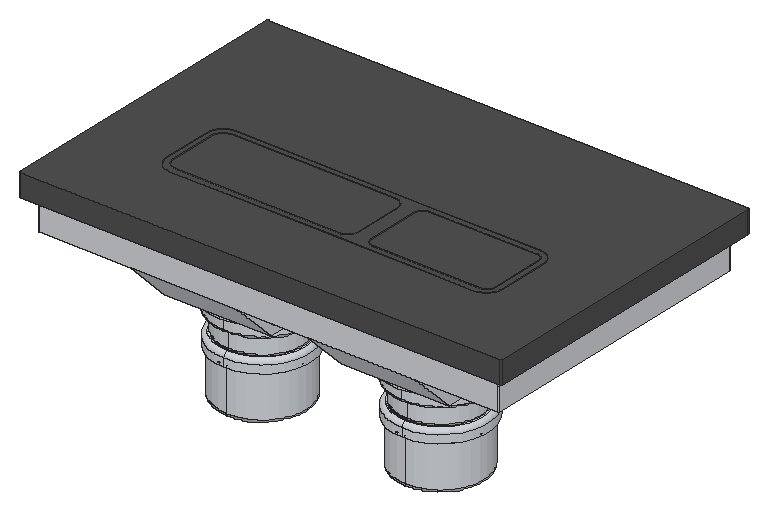
Revit family "Reece_Cistern Buttons_Hideaway_Plus_Cistern Button and Plate_Rectangle Button", category Plumbing Fixtures, host Face, Revit 2018
Family settings
  Host = Face
  Round Connector Dimension = Use Diameter
  Part Type = Normal
  Cut with Voids When Loaded = No
  Shared = Yes
  Room Calculation Point = Yes
Parameters (values of type "Matte Black")
  Waste Connection = no
  WFU = 0  # constant formula
  Vent Connection = no
  URL = "https://www.reece.com.au/product/-9508200"
  Type Comments = "Cistern Buttons\r\n"
  Reece_Product_Web Page = "https://www.reece.com.au/product/-9508200"
  Reece_Product_Type = "Cistern Buttons\r\n"  # constant formula
  Reece_Product_Sub Brand = "Plus\r\n"  # constant formula
  Reece_Product_Number = "9508200"
  Reece_Product_Mount = "Wall Mounted"
  Reece_Product_Description = "Hideaway+ Rectangle Button/Plate Inwall ABS Matte Black"
  Reece_Product_Brand = "Hideaway\r\n"  # constant formula
  Reece_Overall_Width = 236 mm  # constant formula
  Reece_Overall_Height = 152 mm  # constant formula
  Reece_Material_Secondary = Reece_Plastic_ABS_Matte Black
  Reece_Material_Main = Reece_Plastic_ABS_Matte Black
  Reece_Detail_Shape = "Rectangle Button\r\n"  # constant formula
  Reece_Detail_Disclaimer = "THIS FILE IS THE PROPERTY OF THE REECE GROUP. IT MAY NOT BE REPRODUCED, REVERSE-ENGINEERED OR MODIFIED. ANY REPUBLICATION, TRANSMISSION OR DISTRIBUTION FOR THE PURPOSE OF COMMERCIALLY EXPLOITING THE FILES IS PROHIBITED."  # constant formula
  Reece_Detail_Additional = "Cistern Button and Plate\r\n\r\n\r\n"  # constant formula
  Model = "Plus\r\n"
  Manufacturer = "Hideaway\r\n"
  Keynote = "Product #9508200, Reece_Cistern Buttons_Hideaway_Plus_Cistern Button and Plate_Rectangle Button - Matte Black"
  HWFU = 0  # constant formula
  HW Connection = no
  Disclaimer = "THIS FILE IS THE PROPERTY OF THE REECE GROUP. IT MAY NOT BE REPRODUCED, REVERSE-ENGINEERED OR MODIFIED. ANY REPUBLICATION, TRANSMISSION OR DISTRIBUTION FOR THE PURPOSE OF COMMERCIALLY EXPLOITING THE FILES IS PROHIBITED."  # constant formula
  Description = "Hideaway+ Rectangle Button / Plate Inwall ABS Matte Black"
  Default Elevation = 1000 mm
  CWFU = 0  # constant formula
  CW Connection = no
Types (5, lengths in mm): name | URL | Reece_Product_Web Page | Reece_Product_Number | Reece_Product_Description | Reece_Material_Secondary | Reece_Material_Main | Keynote | Description
  Brushed Nickel | "https://www.reece.com.au/product/-9508201" | "https://www.reece.com.au/product/-9508201" | "9508201" | "Hideaway+ Rectangle Button/Plate Inwall ABS Brushed Nickel" | Reece_Plastic_ABS_Brushed Nickel | Reece_Plastic_ABS_Brushed Nickel | "Product #9508201, Reece_Cistern Buttons_Hideaway_Plus_Cistern Button and Plate_Rectangle Button - Brushed Nickel" | "Hideaway+ Rectangle Button / Plate Inwall ABS Brushed Nickel"
  Brushed Gold | "https://www.reece.com.au/product/-9508202" | "https://www.reece.com.au/product/-9508202" | "9508202" | "Hideaway+ Rectangle Button/Plate Inwall ABS Brushed Gold" | Reece_Plastic_ABS_Brushed Gold | Reece_Plastic_ABS_Brushed Gold | "Product #9508202, Reece_Cistern Buttons_Hideaway_Plus_Cistern Button and Plate_Rectangle Button - Brushed Gold" | "Hideaway+ Rectangle Button / Plate Inwall ABS Brushed Gold"
  Chrome | "https://www.reece.com.au/product/-9503683" | "https://www.reece.com.au/product/-9503683" | "9503683" | "Hideaway+ Rectangle Button/Plate Inwall ABS Chrome" | Reece_Plastic_ABS_Chrome | Reece_Plastic_ABS_Chrome | "Product #9503683, Reece_Cistern Buttons_Hideaway_Plus_Cistern Button and Plate_Rectangle Button - Chrome" | "Hideaway+ Rectangle Button / Plate Inwall ABS Chrome"
  Matte Black | "https://www.reece.com.au/product/-9508200" | "https://www.reece.com.au/product/-9508200" | "9508200" | "Hideaway+ Rectangle Button/Plate Inwall ABS Matte Black" | Reece_Plastic_ABS_Matte Black | Reece_Plastic_ABS_Matte Black | "Product #9508200, Reece_Cistern Buttons_Hideaway_Plus_Cistern Button and Plate_Rectangle Button - Matte Black" | "Hideaway+ Rectangle Button / Plate Inwall ABS Matte Black"
  Gloss White | "https://www.reece.com.au/product/-1806194" | "https://www.reece.com.au/product/-1806194" | "1806194" | "Hideaway+ Rectangle Button/Plate Inwall ABS Gloss White" | Reece_Plastic_ABS_White | Reece_Plastic_ABS_White | "Product #1806194, Reece_Cistern Buttons_Hideaway_Plus_Cistern Button and Plate_Rectangle Button - Gloss White" | "Hideaway+ Rectangle Button / Plate Inwall ABS Gloss White"
Reference planes
  plane 1 "Center (Front/Back)": y = 0
  plane 2 "Bottom": z = 0
  plane 3 "Center (Left/Right)": x = 0
  plane 4 "Top": z = 11
  plane 5: x = -120
  plane 6: x = 116
  plane 7: y = 78
  plane 8: y = -74
  plane 9: z = -94.2
  plane 10: x = -115.066
  plane 11: x = 111
  plane 12: y = -69
  plane 13: y = 73.069
Forms (mm)
  Extrusion 1, solid, material "Reece_Plastic_ABS_Matte Black" <- "Reece_Material_Main"
    sketch origin (0, 0, 0) x (1, 0, 0) y (0, 1, 0)
      loop
        arc (-119.2, 78) -> (-119.766, 77.766) -> (-120, 77.2) r 0.8
        line (-120, 77.2) -> (-120, -73.2)
        arc (-120, -73.2) -> (-119.766, -73.766) -> (-119.2, -74) r 0.8
        line (-119.2, -74) -> (115.2, -74)
        arc (115.2, -74) -> (115.766, -73.766) -> (116, -73.2) r 0.8
        line (116, -73.2) -> (116, 77.2)
        arc (116, 77.2) -> (115.766, 77.766) -> (115.2, 78) r 0.8
        line (115.2, 78) -> (-119.2, 78)
    from 0 to 11
  Extrusion 2, void
    sketch origin (0, 0, 0) x (1, 0, 0) y (0, 1, 0)
      loop
        line (-74.878, -34.842) -> (5.048, -34.842)
        arc (5.048, -34.842) -> (8.855, -33.265) -> (10.432, -29.457) r 5.385
        line (10.432, -29.457) -> (10.432, -5.577)
        arc (10.432, -5.577) -> (8.856, -1.772) -> (5.052, -0.196) r 5.38
        line (5.052, -0.196) -> (-74.813, -0.196)
        arc (-74.813, -0.196) -> (-78.636, -1.78) -> (-80.22, -5.603) r 5.407
        line (-80.22, -5.603) -> (-80.22, -29.5)
        arc (-80.22, -29.5) -> (-78.655, -33.277) -> (-74.878, -34.842) r 5.342
      loop
        arc (21.862, -0.196) -> (19.046, -1.363) -> (17.879, -4.179) r 3.983
        line (17.879, -4.179) -> (17.879, -30.878)
        arc (17.879, -30.878) -> (19.04, -33.681) -> (21.843, -34.842) r 3.964
        line (21.843, -34.842) -> (74.36, -34.842)
        arc (74.36, -34.842) -> (77.207, -33.663) -> (78.386, -30.815) r 4.026
        line (78.386, -30.815) -> (78.386, -4.219)
        arc (78.386, -4.219) -> (77.208, -1.375) -> (74.364, -0.196) r 4.023
        line (74.364, -0.196) -> (21.862, -0.196)
      loop
        line (17.991, 2.675) -> (-75.156, 2.675)
        arc (-75.156, 2.675) -> (-80.819, 0.329) -> (-83.164, -5.333) r 8.008
        line (-83.164, -5.333) -> (-83.164, -29.726)
        arc (-83.164, -29.726) -> (-80.825, -35.374) -> (-75.178, -37.713) r 7.986
        line (-75.178, -37.713) -> (1.936, -37.713) -> (73.545, -37.713)
        arc (73.545, -37.713) -> (79.17, -35.383) -> (81.501, -29.757) r 7.956
        line (81.501, -29.757) -> (81.501, -5.26)
        arc (81.501, -5.26) -> (79.177, 0.351) -> (73.566, 2.675) r 7.934
        line (73.566, 2.675) -> (17.991, 2.675)
    from 9.384 to 16.129
  Extrusion 3, solid
    sketch origin (0, 0, 0) x (1, 0, 0) y (0, 1, 0)
      loop
        arc (-114.266, 73.069) -> (-114.832, 72.835) -> (-115.066, 72.269) r 0.8
        line (-115.066, 72.269) -> (-115.066, -68.2)
        arc (-115.066, -68.2) -> (-114.832, -68.766) -> (-114.266, -69) r 0.8
        line (-114.266, -69) -> (110.2, -69)
        arc (110.2, -69) -> (110.766, -68.766) -> (111, -68.2) r 0.8
        line (111, -68.2) -> (111, 72.269)
        arc (111, 72.269) -> (110.766, 72.835) -> (110.2, 73.069) r 0.8
        line (110.2, 73.069) -> (-114.266, 73.069)
      loop
        line (-107.5, -61.5) -> (103.5, -61.5) -> (103.5, 65.5) -> (-107.5, 65.5) -> (-107.5, -61.5)
    from 0 to -4
  Extrusion 4, void
    sketch origin (0, -1, 0) x (1, 0, 0) y (0, 1, 0)
      loop
        arc (-114.266, 74.069) -> (-114.832, 73.835) -> (-115.066, 73.269) r 0.8
        line (-115.066, 73.269) -> (-115.066, -67.2)
        arc (-115.066, -67.2) -> (-114.832, -67.766) -> (-114.266, -68) r 0.8
        line (-114.266, -68) -> (110.2, -68)
        arc (110.2, -68) -> (110.766, -67.766) -> (111, -67.2) r 0.8
        line (111, -67.2) -> (111, 73.269)
        arc (111, 73.269) -> (110.766, 73.835) -> (110.2, 74.069) r 0.8
        line (110.2, 74.069) -> (-114.266, 74.069)
    from 5.484 to -18.966
  Extrusion 5, solid
    sketch origin (0, 0, 0) x (1, 0, 0) y (0, 1, 0)
      loop
        line (-107.5, 65.5) -> (-107.5, -60.7)
        arc (-107.5, -60.7) -> (-107.266, -61.266) -> (-106.7, -61.5) r 0.8
        line (-106.7, -61.5) -> (-98.278, -61.5) -> (-98.278, -37.463) -> (-83.91, -12.576) -> (-83.91, 65.5) -> (-107.5, 65.5)
    from -15.736 to -7.736
  Extrusion 6, solid
    sketch origin (0, 0.016, 0) x (1, 0, 0) y (0, 1, 0)
      loop
        arc (-114.266, 73.054) -> (-114.832, 72.819) -> (-115.066, 72.254) r 0.8
        line (-115.066, 72.254) -> (-115.066, -68.216)
        arc (-115.066, -68.216) -> (-114.832, -68.781) -> (-114.266, -69.016) r 0.8
        line (-114.266, -69.016) -> (110.2, -69.016)
        arc (110.2, -69.016) -> (110.766, -68.781) -> (111, -68.216) r 0.8
        line (111, -68.216) -> (111, 72.254)
        arc (111, 72.254) -> (110.766, 72.819) -> (110.2, 73.054) r 0.8
        line (110.2, 73.054) -> (-114.266, 73.054)
      loop
        line (-107.5, -61.598) -> (103.5, -61.598) -> (103.5, 65.427) -> (-107.5, 65.427) -> (-107.5, -61.598)
    from -4 to -15.736
  Extrusion 7, void
    sketch origin (3.125, 0, 0) x (1, 0, 0) y (0, 1, 0)
      loop
        circle (-99.022, 2.683) r 10
    from -24.73 to 0
  Extrusion 8, solid
    sketch origin (0, 0, 0) x (-1, 0, 0) y (0, -1, 0)
      loop
        line (-103.5, -65.5) -> (-79.91, -65.5) -> (-79.91, 12.576) -> (-94.278, 37.463) -> (-94.278, 61.5) -> (-102.7, 61.5)
        arc (-102.7, 61.5) -> (-103.266, 61.266) -> (-103.5, 60.7) r 0.8
        line (-103.5, 60.7) -> (-103.5, -65.5)
    from -15.736 to -7.736
  Extrusion 9, void
    sketch origin (-3.125, 0, 0) x (-1, 0, 0) y (0, -1, 0)
      loop
        circle (-95.022, -2.683) r 10
    from -24.73 to 0
  Extrusion 10, solid
    sketch origin (0, 0, -5) x (0, 1, 0) y (0, 0, -1)
      loop
        line (70.977, 0) -> (70.977, 18.346)
        arc (70.977, 18.346) -> (70.275, 20.274) -> (68.498, 21.3) r 3
        line (68.498, 21.3) -> (10.603, 31.509) -> (-48.227, 31.509) -> (-69, 10.736) -> (-69, 0) -> (-62.172, 0) -> (-62.172, 11.907) -> (-46.57, 27.509) -> (10.253, 27.509) -> (65.971, 17.684) -> (65.971, 0) -> (70.977, 0)
    from -69.559 to -17.5
  Extrusion 11, void
    sketch origin (-3.75, 2.5, -5) x (1, 0, 0) y (0, 1, 0)
      loop
        circle (47.658, -23.239) r 23
    from -43.489 to -19.227
  Revolve 12, solid
    sketch origin (43.665, -4592.626, 79.904) x (0, 0, 1) y (0, -1, 0)
      loop
        line (-118.595, -4597.982) -> (-116.824, -4597.982) -> (-116.824, -4592.339) -> (-104.634, -4592.339) -> (-104.634, -4572) -> (-163.513, -4572) -> (-163.513, -4592.428)
        arc (-163.513, -4592.428) -> (-163.182, -4593.226) -> (-162.385, -4593.557) r 1.128
        line (-162.385, -4593.557) -> (-142.041, -4593.557)
        arc (-142.041, -4593.557) -> (-141.314, -4593.858) -> (-141.013, -4594.585) r 1.028
        line (-141.013, -4594.585) -> (-141.013, -4595.38) -> (-137.138, -4595.346)
        arc (-137.138, -4595.346) -> (-135.574, -4594.686) -> (-134.927, -4593.117) r 2.229
        line (-134.927, -4593.117) -> (-134.927, -4591.787)
        arc (-134.927, -4591.787) -> (-134.788, -4592.175) -> (-134.41, -4592.339) r 0.519
        line (-134.41, -4592.339) -> (-125.231, -4592.339) -> (-125.231, -4594.982)
        arc (-125.231, -4594.982) -> (-125.085, -4595.336) -> (-124.731, -4595.482) r 0.5
        line (-124.731, -4595.482) -> (-118.595, -4595.482) -> (-118.595, -4597.982)
      axis (-104.634, -4572) -> (-163.513, -4572)
    angle from 0 to 360
  Extrusion 13, solid
    sketch origin (0, 0, -5) x (0, 1, 0) y (0, 0, 1)
      loop
        line (70.977, 0) -> (65.971, 0) -> (65.971, -17.684) -> (10.253, -27.509) -> (-46.57, -27.509) -> (-62.172, -11.907) -> (-62.172, 0) -> (-69, 0) -> (-69, -10.736) -> (-48.227, -31.509) -> (10.603, -31.509) -> (68.498, -21.3)
        arc (68.498, -21.3) -> (70.275, -20.274) -> (70.977, -18.346) r 3
        line (70.977, -18.346) -> (70.977, 0)
    from -69.559 to -17.5
  Extrusion 14, void
    sketch origin (3.75, 2.5, -5) x (-1, 0, 0) y (0, -1, 0)
      loop
        circle (47.658, 23.239) r 23
    from -43.489 to -19.227
  Revolve 15, solid
    sketch origin (-43.665, -4592.626, 79.904) x (0, 0, 1) y (0, -1, 0)
      loop
        line (-118.595, -4597.982) -> (-116.824, -4597.982) -> (-116.824, -4592.339) -> (-104.634, -4592.339) -> (-104.634, -4572) -> (-163.513, -4572) -> (-163.513, -4592.428)
        arc (-163.513, -4592.428) -> (-163.182, -4593.226) -> (-162.385, -4593.557) r 1.128
        line (-162.385, -4593.557) -> (-142.041, -4593.557)
        arc (-142.041, -4593.557) -> (-141.314, -4593.858) -> (-141.013, -4594.585) r 1.028
        line (-141.013, -4594.585) -> (-141.013, -4595.38) -> (-137.138, -4595.346)
        arc (-137.138, -4595.346) -> (-135.574, -4594.686) -> (-134.927, -4593.117) r 2.229
        line (-134.927, -4593.117) -> (-134.927, -4591.787)
        arc (-134.927, -4591.787) -> (-134.788, -4592.175) -> (-134.41, -4592.339) r 0.519
        line (-134.41, -4592.339) -> (-125.231, -4592.339) -> (-125.231, -4594.982)
        arc (-125.231, -4594.982) -> (-125.085, -4595.336) -> (-124.731, -4595.482) r 0.5
        line (-124.731, -4595.482) -> (-118.595, -4595.482) -> (-118.595, -4597.982)
      axis (-104.634, -4572) -> (-163.513, -4572)
    angle from 0 to 360
  Revolve 16, solid
    sketch origin (-43.665, -4581.376, 107.189) x (0, 0, 1) y (0, -1, 0)
      loop
        arc (-201.396, -4580.807) -> (-201.23, -4581.209) -> (-200.829, -4581.375) r 0.568
        line (-200.829, -4581.375) -> (-194.749, -4581.375) -> (-194.749, -4555.375)
        arc (-194.749, -4555.375) -> (-199.449, -4557.316) -> (-201.396, -4562.013) r 6.638
        line (-201.396, -4562.013) -> (-201.396, -4580.807)
      axis (-194.749, -4555.375) -> (-194.749, -4581.375)
    angle from 0 to 360
  Revolve 17, solid
    sketch origin (-43.665, -4581.376, 106.095) x (0, 0, 1) y (0, -1, 0)
      loop
        line (-194.945, -4585.804) -> (-194.945, -4580.683) -> (-200.11, -4580.683) -> (-200.11, -4582.642)
        arc (-200.11, -4582.642) -> (-199.961, -4583) -> (-199.604, -4583.148) r 0.506
        line (-199.604, -4583.148) -> (-198.512, -4583.148) -> (-198.512, -4584.033) -> (-199.944, -4584.033) -> (-199.944, -4585.804) -> (-194.945, -4585.804)
      axis (-194.945, -4580.683) -> (-194.945, -4585.804)
    angle from 0 to 360
  Revolve 18, void
    sketch origin (-43.682, -4572, 105.678) x (0, 0, 1) y (0, -1, 0)
      loop
        line (-194.543, -4577.318) -> (-194.543, -4566.39) -> (-197.822, -4566.39) -> (-197.822, -4577.318) -> (-194.543, -4577.318)
      axis (-194.543, -4566.39) -> (-194.543, -4577.318)
    angle from 0 to 360
  Revolve 19, solid
    sketch origin (43.665, -4581.376, 107.189) x (0, 0, 1) y (0, -1, 0)
      loop
        arc (-201.396, -4580.807) -> (-201.23, -4581.209) -> (-200.829, -4581.375) r 0.568
        line (-200.829, -4581.375) -> (-194.749, -4581.375) -> (-194.749, -4555.375)
        arc (-194.749, -4555.375) -> (-199.449, -4557.316) -> (-201.396, -4562.013) r 6.638
        line (-201.396, -4562.013) -> (-201.396, -4580.807)
      axis (-194.749, -4555.375) -> (-194.749, -4581.375)
    angle from 0 to 360
  Revolve 20, solid
    sketch origin (43.665, -4581.376, 106.095) x (0, 0, 1) y (0, -1, 0)
      loop
        line (-194.945, -4585.804) -> (-194.945, -4580.683) -> (-200.11, -4580.683) -> (-200.11, -4582.642)
        arc (-200.11, -4582.642) -> (-199.961, -4583) -> (-199.604, -4583.148) r 0.506
        line (-199.604, -4583.148) -> (-198.512, -4583.148) -> (-198.512, -4584.033) -> (-199.944, -4584.033) -> (-199.944, -4585.804) -> (-194.945, -4585.804)
      axis (-194.945, -4580.683) -> (-194.945, -4585.804)
    angle from 0 to 360
  Revolve 21, void
    sketch origin (43.682, -4572, 105.678) x (0, 0, 1) y (0, -1, 0)
      loop
        line (-194.543, -4577.318) -> (-194.543, -4566.39) -> (-197.822, -4566.39) -> (-197.822, -4577.318) -> (-194.543, -4577.318)
      axis (-194.543, -4566.39) -> (-194.543, -4577.318)
    angle from 0 to 360
  Extrusion 22, solid, material "Reece_Plastic_ABS_Matte Black" <- "Reece_Material_Secondary"
    sketch origin (0, 0, 0) x (1, 0, 0) y (0, 1, 0)
      loop
        line (-74.878, -34.842) -> (5.048, -34.842)
        arc (5.048, -34.842) -> (8.855, -33.265) -> (10.432, -29.457) r 5.385
        line (10.432, -29.457) -> (10.432, -5.577)
        arc (10.432, -5.577) -> (8.856, -1.772) -> (5.052, -0.196) r 5.38
        line (5.052, -0.196) -> (-74.813, -0.196)
        arc (-74.813, -0.196) -> (-78.636, -1.78) -> (-80.22, -5.603) r 5.407
        line (-80.22, -5.603) -> (-80.22, -29.5)
        arc (-80.22, -29.5) -> (-78.655, -33.277) -> (-74.878, -34.842) r 5.342
      loop
        arc (21.862, -0.196) -> (19.046, -1.363) -> (17.879, -4.179) r 3.983
        line (17.879, -4.179) -> (17.879, -30.878)
        arc (17.879, -30.878) -> (19.04, -33.681) -> (21.843, -34.842) r 3.964
        line (21.843, -34.842) -> (74.36, -34.842)
        arc (74.36, -34.842) -> (77.207, -33.663) -> (78.386, -30.815) r 4.026
        line (78.386, -30.815) -> (78.386, -4.219)
        arc (78.386, -4.219) -> (77.208, -1.375) -> (74.364, -0.196) r 4.023
        line (74.364, -0.196) -> (21.862, -0.196)
      loop
        line (17.991, 2.675) -> (-75.156, 2.675)
        arc (-75.156, 2.675) -> (-80.819, 0.329) -> (-83.164, -5.333) r 8.008
        line (-83.164, -5.333) -> (-83.164, -29.726)
        arc (-83.164, -29.726) -> (-80.825, -35.374) -> (-75.178, -37.713) r 7.986
        line (-75.178, -37.713) -> (1.936, -37.713) -> (73.545, -37.713)
        arc (73.545, -37.713) -> (79.17, -35.383) -> (81.501, -29.757) r 7.956
        line (81.501, -29.757) -> (81.501, -5.26)
        arc (81.501, -5.26) -> (79.177, 0.351) -> (73.566, 2.675) r 7.934
        line (73.566, 2.675) -> (17.991, 2.675)
    from 9.384 to 11
  Revolve 23, solid
    sketch origin (-43.667, -4571.982, -94.021) x (0, 0, -1) y (0, -1, 0)
      loop
        line (-61.476, -4550.999) -> (-61.476, -4543.69) -> (-91.476, -4543.69)
        arc (-91.476, -4543.69) -> (-96.326, -4545.895) -> (-97.854, -4550.999) r 6.438
        line (-97.854, -4550.999) -> (-61.476, -4550.999)
      axis (-97.854, -4550.999) -> (-61.476, -4550.999)
    angle from 0 to 360
  Revolve 24, solid
    sketch origin (43.66, -4571.982, -94.021) x (0, 0, -1) y (0, -1, 0)
      loop
        line (-61.476, -4550.999) -> (-61.476, -4543.69) -> (-91.476, -4543.69)
        arc (-91.476, -4543.69) -> (-96.326, -4545.895) -> (-97.854, -4550.999) r 6.438
        line (-97.854, -4550.999) -> (-61.476, -4550.999)
      axis (-97.854, -4550.999) -> (-61.476, -4550.999)
    angle from 0 to 360
  Extrusion 25, void
    sketch origin (0, 0, 0) x (1, 0, 0) y (0, 1, 0)
      loop
        arc (-114.266, 73.069) -> (-114.832, 72.835) -> (-115.066, 72.269) r 0.8
        line (-115.066, 72.269) -> (-115.066, -68.2)
        arc (-115.066, -68.2) -> (-114.832, -68.766) -> (-114.266, -69) r 0.8
        line (-114.266, -69) -> (110.2, -69)
        arc (110.2, -69) -> (110.766, -68.766) -> (111, -68.2) r 0.8
        line (111, -68.2) -> (111, 72.269)
        arc (111, 72.269) -> (110.766, 72.835) -> (110.2, 73.069) r 0.8
        line (110.2, 73.069) -> (-114.266, 73.069)
    from 0 to -94.2
Cuts and joins
  Extrusion 2, Extrusion 9 cuts Extrusion 1
  Extrusion 7, Extrusion 9 cuts Extrusion 5
  Extrusion 9 cuts Extrusion 8
  Extrusion 11, Extrusion 14 cuts Extrusion 3
  Extrusion 11, Extrusion 14 cuts Extrusion 6
  Extrusion 11, Extrusion 14 cuts Extrusion 10
  Extrusion 14 cuts Revolve 12
  Extrusion 14 cuts Extrusion 13
  Revolve 18 cuts Revolve 16
  Revolve 18 cuts Revolve 17
  Revolve 21 cuts Revolve 19
  Revolve 21 cuts Revolve 20
  joined: Extrusion 3, Extrusion 6, Extrusion 10, Revolve 12, Extrusion 13, Revolve 15, Revolve 16, Revolve 17, Revolve 19, Revolve 20, Revolve 23, Revolve 24
Text (mm)
  text "Reece Copyright © 2018, Reece Ltd." at (60.751, -237.255, 0), in view "Ref. Level"
  text "Reece ©" at (27.815, 192.648, 142.611), in view "Reece Preview"
Dimensions and locks
  "Reece_Overall_Width": plane 5 to plane 6
  "Reece_Overall_Height": plane 8 to plane 7
  plane 4 "Top" to host face = 11 mm  (x3)
  plane 7 to plane 8 = 152 mm
  plane 2 "Bottom" to plane 9 = 94.2 mm  (x2)
  host face to plane 9 = 94.2 mm
  plane 6 to plane 5 = 236 mm
  plane 5 to plane 6 = 236 mm
  host face to plane 4 "Top" = 11 mm
  plane 9 to plane 2 "Bottom" = 94.2 mm
  plane 8 to plane 7 = 152 mm
  plane 7 to plane 13 = 4.931 mm
  plane 5 to plane 10 = 4.934 mm
  plane 11 to plane 6 = 5 mm
  plane 8 to plane 12 = 5 mm
  aligned and locked: plane 2 "Bottom" to host face
  aligned and locked: level to host face
  aligned and locked: plane 5 to Extrusion 1 sketch curve
  aligned and locked: Extrusion 1 sketch curve to plane 8
  aligned and locked: Extrusion 1 sketch curve to plane 7
  aligned and locked: plane 6 to Extrusion 1 sketch curve
  aligned and locked: plane 4 "Top" to Extrusion 1
  aligned and locked: Extrusion 4 sketch curve to plane 13
  aligned and locked: Extrusion 4 sketch curve to plane 11
  aligned and locked: Extrusion 4 sketch curve to plane 12
  aligned and locked: Extrusion 4 sketch curve to plane 10
Automatic sketch dimensions
  host sketch curve to host sketch curve = 380.785 mm
  host sketch curve to host sketch curve = 317.421 mm
  plane 5 to Extrusion 1 sketch curve = 0.8 mm  (x2)
  plane 6 to Extrusion 1 sketch curve = 0.8 mm  (x2)
  Extrusion 3 sketch curve to Extrusion 3 sketch curve = 0.8 mm  (x4)
  Extrusion 4 sketch curve to Extrusion 4 sketch curve = 0.8 mm  (x3)
  plane 6 to Extrusion 4 sketch curve = 5.8 mm
  Extrusion 5 sketch curve to Extrusion 5 sketch curve = 0.8 mm
  Extrusion 5 sketch curve to Extrusion 5 sketch curve = 8.422 mm
  Extrusion 5 sketch curve to Extrusion 5 sketch curve = 23.59 mm
  Extrusion 5 sketch curve to Extrusion 5 sketch curve = 24.887 mm
  Extrusion 6 sketch curve to Extrusion 6 sketch curve = 0.8 mm  (x4)
  Extrusion 6 sketch curve to Extrusion 6 sketch curve = 6.766 mm
  Extrusion 6 sketch curve to Extrusion 6 sketch curve = 6.618 mm
  Extrusion 8 sketch curve to Extrusion 8 sketch curve = 0.8 mm
  Extrusion 8 sketch curve to Extrusion 8 sketch curve = 8.422 mm
  Extrusion 8 sketch curve to Extrusion 8 sketch curve = 23.59 mm
  Extrusion 8 sketch curve to Extrusion 8 sketch curve = 24.887 mm
  Extrusion 10 sketch curve to Extrusion 10 sketch curve = 6.828 mm
  Extrusion 10 sketch curve to Extrusion 10 sketch curve = 13.944 mm
  Extrusion 10 sketch curve to Extrusion 10 sketch curve = 1.657 mm
  Extrusion 10 sketch curve to Extrusion 10 sketch curve = 0.35 mm
  Extrusion 10 sketch curve to Extrusion 10 sketch curve = 2.007 mm
  Extrusion 10 sketch curve to Extrusion 10 sketch curve = 0.521 mm
  Extrusion 10 sketch curve to Extrusion 10 sketch curve = 3 mm
  Extrusion 10 sketch curve to Extrusion 10 sketch curve = 10.736 mm
  Extrusion 10 sketch curve to Extrusion 10 sketch curve = 1.172 mm
  Extrusion 10 sketch curve to Extrusion 10 sketch curve = 17.684 mm
  Extrusion 10 sketch curve to Extrusion 10 sketch curve = 0.662 mm
  Extrusion 10 sketch curve to Extrusion 10 sketch curve = 15.601 mm
  Extrusion 10 sketch curve to Extrusion 10 sketch curve = 4 mm
  Revolve 12 sketch curve to Revolve 12 sketch curve = 1.128 mm
  Revolve 12 sketch curve to Revolve 12 sketch curve = 20.344 mm
  Revolve 12 sketch curve to Revolve 12 sketch curve = 1.028 mm
  Revolve 12 sketch curve to Revolve 12 sketch curve = 3.856 mm
  Revolve 12 sketch curve to Revolve 12 sketch curve = 0.019 mm
  Revolve 12 sketch curve to Revolve 12 sketch curve = 0.518 mm
  Revolve 12 sketch curve to Revolve 12 sketch curve = 9.179 mm
  Revolve 12 sketch curve to Revolve 12 sketch curve = 0.5 mm
  Revolve 12 sketch curve to Revolve 12 sketch curve = 6.135 mm
  Revolve 12 sketch curve to Revolve 12 sketch curve = 1.771 mm
  Revolve 12 sketch curve to Revolve 12 sketch curve = 12.191 mm
  Revolve 12 sketch curve to Revolve 12 sketch curve = 2.5 mm
  Revolve 12 sketch curve to Revolve 12 sketch curve = 0.519 mm
  Revolve 12 sketch curve to Revolve 12 sketch curve = 20.428 mm
  Revolve 12 sketch curve to Revolve 12 sketch curve = 12.597 mm
  Revolve 12 sketch curve to Revolve 12 sketch curve = 0 mm
  Extrusion 13 sketch curve to Extrusion 13 sketch curve = 6.828 mm
  Extrusion 13 sketch curve to Extrusion 13 sketch curve = 13.944 mm
  Extrusion 13 sketch curve to Extrusion 13 sketch curve = 1.657 mm
  Extrusion 13 sketch curve to Extrusion 13 sketch curve = 0.35 mm
  Extrusion 13 sketch curve to Extrusion 13 sketch curve = 2.007 mm
  Extrusion 13 sketch curve to Extrusion 13 sketch curve = 0.521 mm
  Extrusion 13 sketch curve to Extrusion 13 sketch curve = 3 mm
  Extrusion 13 sketch curve to Extrusion 13 sketch curve = 10.736 mm
  Extrusion 13 sketch curve to Extrusion 13 sketch curve = 1.172 mm
  Extrusion 13 sketch curve to Extrusion 13 sketch curve = 17.684 mm
  Extrusion 13 sketch curve to Extrusion 13 sketch curve = 0.662 mm
  Extrusion 13 sketch curve to Extrusion 13 sketch curve = 4 mm
  Revolve 15 sketch curve to Revolve 15 sketch curve = 1.128 mm
  Revolve 15 sketch curve to Revolve 15 sketch curve = 20.344 mm
  Revolve 15 sketch curve to Revolve 15 sketch curve = 1.028 mm
  Revolve 15 sketch curve to Revolve 15 sketch curve = 3.856 mm
  Revolve 15 sketch curve to Revolve 15 sketch curve = 0.019 mm
  Revolve 15 sketch curve to Revolve 15 sketch curve = 0.518 mm
  Revolve 15 sketch curve to Revolve 15 sketch curve = 9.179 mm
  Revolve 15 sketch curve to Revolve 15 sketch curve = 0.5 mm
  Revolve 15 sketch curve to Revolve 15 sketch curve = 6.135 mm
  Revolve 15 sketch curve to Revolve 15 sketch curve = 1.771 mm
  Revolve 15 sketch curve to Revolve 15 sketch curve = 12.191 mm
  Revolve 15 sketch curve to Revolve 15 sketch curve = 2.5 mm
  Revolve 15 sketch curve to Revolve 15 sketch curve = 0.519 mm
  Revolve 15 sketch curve to Revolve 15 sketch curve = 20.428 mm
  Revolve 15 sketch curve to Revolve 15 sketch curve = 12.597 mm
  Revolve 15 sketch curve to Revolve 15 sketch curve = 0 mm
  Revolve 16 sketch curve to Revolve 16 sketch curve = 19.362 mm
  Revolve 16 sketch curve to Revolve 16 sketch curve = 3.688 mm
  Revolve 17 sketch curve to Revolve 17 sketch curve = 1.091 mm
  Revolve 17 sketch curve to Revolve 17 sketch curve = 3.567 mm
  Revolve 17 sketch curve to Revolve 17 sketch curve = 0.885 mm
  Revolve 17 sketch curve to Revolve 17 sketch curve = 1.77 mm  (x2)
  Revolve 17 sketch curve to Revolve 17 sketch curve = 0 mm
  Revolve 17 sketch curve to Revolve 17 sketch curve = 3.874 mm
  Revolve 17 sketch curve to Revolve 17 sketch curve = 28.443 mm
  Revolve 18 sketch curve to Revolve 18 sketch curve = 3.28 mm
  Revolve 18 sketch curve to Revolve 18 sketch curve = 0 mm  (x2)
  Revolve 18 sketch curve to Revolve 18 sketch curve = 26.071 mm
  Revolve 18 sketch curve to Revolve 18 sketch curve = 0.438 mm
  Revolve 19 sketch curve to Revolve 19 sketch curve = 19.362 mm
  Revolve 19 sketch curve to Revolve 19 sketch curve = 3.688 mm
  Revolve 20 sketch curve to Revolve 20 sketch curve = 1.091 mm
  Revolve 20 sketch curve to Revolve 20 sketch curve = 3.567 mm
  Revolve 20 sketch curve to Revolve 20 sketch curve = 0.885 mm
  Revolve 20 sketch curve to Revolve 20 sketch curve = 1.77 mm  (x2)
  Revolve 20 sketch curve to Revolve 20 sketch curve = 0 mm
  Revolve 20 sketch curve to Revolve 20 sketch curve = 3.874 mm
  Revolve 20 sketch curve to Revolve 20 sketch curve = 28.443 mm
  Revolve 21 sketch curve to Revolve 21 sketch curve = 3.28 mm
  Revolve 21 sketch curve to Revolve 21 sketch curve = 0 mm  (x2)
  Revolve 21 sketch curve to Revolve 21 sketch curve = 26.071 mm
  Revolve 21 sketch curve to Revolve 21 sketch curve = 0.438 mm
  plane 5 to Extrusion 2 sketch curve = 36.836 mm
  Extrusion 2 sketch curve to Extrusion 2 sketch curve = 2.944 mm
  Extrusion 2 sketch curve to Extrusion 2 sketch curve = 5.042 mm
  Extrusion 2 sketch curve to Extrusion 2 sketch curve = 5.064 mm
  Extrusion 2 sketch curve to Extrusion 2 sketch curve = 0.3 mm
  Extrusion 2 sketch curve to Extrusion 2 sketch curve = 0.343 mm
  plane 3 "Center (Left/Right)" to Extrusion 2 sketch curve = 1.936 mm
  plane 3 "Center (Left/Right)" to Extrusion 2 sketch curve = 5.048 mm
  plane 1 "Center (Front/Back)" to Extrusion 2 sketch curve = 0.196 mm  (x2)
  plane 3 "Center (Left/Right)" to Extrusion 2 sketch curve = 5.052 mm
  Extrusion 2 sketch curve to Extrusion 2 sketch curve = 5.385 mm
  plane 1 "Center (Front/Back)" to Extrusion 2 sketch curve = 4.179 mm
  Extrusion 2 sketch curve to Extrusion 2 sketch curve = 7.447 mm
  Extrusion 2 sketch curve to plane 1 "Center (Front/Back)" = 2.675 mm
  Extrusion 2 sketch curve to Extrusion 2 sketch curve = 0.112 mm
  Extrusion 2 sketch curve to Extrusion 2 sketch curve = 3.964 mm
  plane 6 to Extrusion 2 sketch curve = 42.455 mm
  Extrusion 2 sketch curve to Extrusion 2 sketch curve = 0.022 mm
  Extrusion 2 sketch curve to Extrusion 2 sketch curve = 0.815 mm
  Extrusion 2 sketch curve to Extrusion 2 sketch curve = 0.797 mm
  Extrusion 2 sketch curve to Extrusion 2 sketch curve = 4.023 mm
  Extrusion 2 sketch curve to Extrusion 2 sketch curve = 3.114 mm
  Extrusion 2 sketch curve to Extrusion 2 sketch curve = 23.881 mm
  Extrusion 2 sketch curve to Extrusion 2 sketch curve = 0.226 mm
  Extrusion 2 sketch curve to Extrusion 2 sketch curve = 1.058 mm
  plane 5 to Extrusion 22 sketch curve = 36.836 mm
  Extrusion 22 sketch curve to Extrusion 22 sketch curve = 2.944 mm
  Extrusion 22 sketch curve to Extrusion 22 sketch curve = 5.042 mm
  Extrusion 22 sketch curve to Extrusion 22 sketch curve = 5.064 mm
  Extrusion 22 sketch curve to Extrusion 22 sketch curve = 0.3 mm
  Extrusion 22 sketch curve to Extrusion 22 sketch curve = 0.343 mm
  plane 3 "Center (Left/Right)" to Extrusion 22 sketch curve = 1.936 mm
  plane 3 "Center (Left/Right)" to Extrusion 22 sketch curve = 5.048 mm
  plane 1 "Center (Front/Back)" to Extrusion 22 sketch curve = 0.196 mm  (x2)
  plane 3 "Center (Left/Right)" to Extrusion 22 sketch curve = 5.052 mm
  Extrusion 22 sketch curve to Extrusion 22 sketch curve = 5.385 mm
  plane 1 "Center (Front/Back)" to Extrusion 22 sketch curve = 4.179 mm
  Extrusion 22 sketch curve to Extrusion 22 sketch curve = 7.447 mm
  Extrusion 22 sketch curve to plane 1 "Center (Front/Back)" = 2.675 mm
  Extrusion 22 sketch curve to Extrusion 22 sketch curve = 0.112 mm
  Extrusion 22 sketch curve to Extrusion 22 sketch curve = 3.964 mm
  plane 6 to Extrusion 22 sketch curve = 42.455 mm
  Extrusion 22 sketch curve to Extrusion 22 sketch curve = 0.022 mm
  Extrusion 22 sketch curve to Extrusion 22 sketch curve = 0.815 mm
  Extrusion 22 sketch curve to Extrusion 22 sketch curve = 0.797 mm
  Extrusion 22 sketch curve to Extrusion 22 sketch curve = 4.023 mm
  Extrusion 22 sketch curve to Extrusion 22 sketch curve = 3.114 mm
  Extrusion 22 sketch curve to Extrusion 22 sketch curve = 23.881 mm
  Extrusion 22 sketch curve to Extrusion 22 sketch curve = 0.226 mm
  Extrusion 22 sketch curve to Extrusion 22 sketch curve = 1.058 mm
  Revolve 23 sketch curve to Revolve 23 sketch curve = 30 mm
  Revolve 23 sketch curve to Revolve 23 sketch curve = 0.871 mm
  Revolve 23 sketch curve to Revolve 23 sketch curve = 0.668 mm
  Revolve 23 sketch curve to Revolve 23 sketch curve = 16.47 mm
  Revolve 23 sketch curve to Revolve 23 sketch curve = 0 mm
  Revolve 24 sketch curve to Revolve 24 sketch curve = 30 mm
  Revolve 24 sketch curve to Revolve 24 sketch curve = 0.871 mm
  Revolve 24 sketch curve to Revolve 24 sketch curve = 0.668 mm
  Revolve 24 sketch curve to Revolve 24 sketch curve = 16.47 mm
  Revolve 24 sketch curve to Revolve 24 sketch curve = 0 mm
  Extrusion 3 sketch curve to Extrusion 3 sketch curve = 6.766 mm
  Extrusion 3 sketch curve to Extrusion 3 sketch curve = 211 mm
  Extrusion 3 sketch curve to Extrusion 3 sketch curve = 6.7 mm  (x2)
  Extrusion 3 sketch curve to Extrusion 3 sketch curve = 127 mm
  Extrusion 3 sketch curve to Extrusion 3 sketch curve = 6.769 mm
  Extrusion 5 sketch curve to Extrusion 5 sketch curve = 24.037 mm
  Extrusion 5 sketch curve to Extrusion 5 sketch curve = 78.076 mm
  Extrusion 6 sketch curve to Extrusion 6 sketch curve = 211 mm
  Extrusion 6 sketch curve to Extrusion 6 sketch curve = 6.7 mm
  Extrusion 6 sketch curve to Extrusion 6 sketch curve = 127.025 mm
  Extrusion 6 sketch curve to Extrusion 6 sketch curve = 6.826 mm
  Extrusion 8 sketch curve to Extrusion 8 sketch curve = 24.037 mm
  Extrusion 8 sketch curve to Extrusion 8 sketch curve = 78.076 mm
  Extrusion 10 sketch curve to Extrusion 10 sketch curve = 56.824 mm
  Extrusion 10 sketch curve to Extrusion 10 sketch curve = 55.717 mm
  Extrusion 10 sketch curve to Extrusion 10 sketch curve = 0 mm
  Revolve 12 sketch curve to Revolve 12 sketch curve = 2.229 mm
  Revolve 12 sketch curve to Revolve 12 sketch curve = 0.398 mm
  Revolve 12 sketch curve to Revolve 12 sketch curve = 0.034 mm
  Revolve 12 sketch curve to Revolve 12 sketch curve = 0.795 mm
  Revolve 12 sketch curve to Revolve 12 sketch curve = 2.642 mm
  Revolve 12 sketch curve to Revolve 12 sketch curve = 5.643 mm
  Revolve 12 sketch curve to Revolve 12 sketch curve = 28.718 mm
  Extrusion 13 sketch curve to Extrusion 13 sketch curve = 56.824 mm
  Extrusion 13 sketch curve to Extrusion 13 sketch curve = 55.717 mm
  Extrusion 13 sketch curve to Extrusion 13 sketch curve = 6.208 mm
  Extrusion 13 sketch curve to Extrusion 13 sketch curve = 15.601 mm
  Revolve 15 sketch curve to Revolve 15 sketch curve = 2.229 mm
  Revolve 15 sketch curve to Revolve 15 sketch curve = 0.398 mm
  Revolve 15 sketch curve to Revolve 15 sketch curve = 0.034 mm
  Revolve 15 sketch curve to Revolve 15 sketch curve = 0.795 mm
  Revolve 15 sketch curve to Revolve 15 sketch curve = 2.642 mm
  Revolve 15 sketch curve to Revolve 15 sketch curve = 5.643 mm
  Revolve 15 sketch curve to Revolve 15 sketch curve = 28.718 mm
  Revolve 16 sketch curve to Revolve 16 sketch curve = 0.568 mm
  Revolve 16 sketch curve to Revolve 16 sketch curve = 6.638 mm
  Revolve 16 sketch curve to Revolve 16 sketch curve = 0.009 mm
  Revolve 16 sketch curve to Revolve 16 sketch curve = 0 mm
  Revolve 16 sketch curve to Revolve 16 sketch curve = 8.94 mm
  Revolve 17 sketch curve to Revolve 17 sketch curve = 0.166 mm
  Revolve 17 sketch curve to Revolve 17 sketch curve = 0.506 mm
  Revolve 17 sketch curve to Revolve 17 sketch curve = 1.959 mm
  Revolve 18 sketch curve to Revolve 18 sketch curve = 10.928 mm
  Revolve 19 sketch curve to Revolve 19 sketch curve = 0.568 mm
  Revolve 19 sketch curve to Revolve 19 sketch curve = 6.638 mm
  Revolve 19 sketch curve to Revolve 19 sketch curve = 0.009 mm
  Revolve 19 sketch curve to Revolve 19 sketch curve = 0 mm
  Revolve 19 sketch curve to Revolve 19 sketch curve = 8.94 mm
  Revolve 20 sketch curve to Revolve 20 sketch curve = 0.166 mm
  Revolve 20 sketch curve to Revolve 20 sketch curve = 0.506 mm
  Revolve 20 sketch curve to Revolve 20 sketch curve = 1.959 mm
  Revolve 21 sketch curve to Revolve 21 sketch curve = 10.928 mm
  Revolve 23 sketch curve to Revolve 23 sketch curve = 6.379 mm
  Revolve 24 sketch curve to Revolve 24 sketch curve = 6.379 mm
  Extrusion 25 sketch curve to plane 10 = 0 mm
  plane 12 to Extrusion 25 sketch curve = 0 mm
  Extrusion 25 sketch curve to plane 13 = 0 mm
  Extrusion 25 sketch curve to plane 11 = 0 mm
  Extrusion 25 sketch curve to plane 10 = 0.8 mm  (x2)
  Extrusion 25 sketch curve to plane 11 = 0.8 mm  (x2)
  Extrusion 3 sketch curve to plane 10 = 0 mm
  plane 12 to Extrusion 3 sketch curve = 0 mm
  Extrusion 5 sketch curve to plane 10 = 7.566 mm
  Extrusion 5 sketch curve to plane 12 = 7.5 mm
  Extrusion 6 sketch curve to plane 10 = 0 mm
  plane 12 to Extrusion 6 sketch curve = 0 mm
  Extrusion 7 sketch curve to plane 1 "Center (Front/Back)" = 2.683 mm
  Extrusion 7 sketch curve to plane 10 = 19.169 mm
  plane 11 to Extrusion 8 sketch curve = 7.5 mm
  plane 12 to Extrusion 8 sketch curve = 7.5 mm
  plane 1 "Center (Front/Back)" to Extrusion 9 sketch curve = 2.683 mm
  plane 11 to Extrusion 9 sketch curve = 19.103 mm
  Extrusion 10 sketch curve to plane 12 = 0 mm
  Extrusion 10 sketch curve to level = 5 mm
  plane 1 "Center (Front/Back)" to Extrusion 11 sketch curve = 20.739 mm
  plane 3 "Center (Left/Right)" to Extrusion 11 sketch curve = 43.908 mm
  Revolve 12 sketch curve to plane 9 = 10.591 mm
  plane 1 "Center (Front/Back)" to Revolve 12 sketch curve = 5.356 mm
  Extrusion 13 sketch curve to plane 12 = 0 mm
  Extrusion 13 sketch curve to level = 36.509 mm
  plane 1 "Center (Front/Back)" to Extrusion 14 sketch curve = 20.739 mm
  Extrusion 14 sketch curve to plane 3 "Center (Left/Right)" = 43.908 mm
  plane 9 to Revolve 15 sketch curve = 10.591 mm
  Revolve 15 sketch curve to plane 1 "Center (Front/Back)" = 5.356 mm
  Revolve 16 sketch curve to plane 9 = 0.007 mm
  plane 1 "Center (Front/Back)" to Revolve 16 sketch curve = 0.001 mm
  plane 9 to Revolve 17 sketch curve = 0.186 mm
  Revolve 17 sketch curve to plane 1 "Center (Front/Back)" = 4.428 mm
  plane 9 to Revolve 18 sketch curve = 2.056 mm
  Revolve 18 sketch curve to plane 1 "Center (Front/Back)" = 5.318 mm
  plane 9 to Revolve 19 sketch curve = 0.007 mm
  Revolve 19 sketch curve to plane 1 "Center (Front/Back)" = 0.001 mm
  Revolve 20 sketch curve to plane 9 = 0.186 mm
  plane 1 "Center (Front/Back)" to Revolve 20 sketch curve = 4.428 mm
  Revolve 21 sketch curve to plane 9 = 2.056 mm
  plane 1 "Center (Front/Back)" to Revolve 21 sketch curve = 5.318 mm
  level to Revolve 23 sketch curve = 3.833 mm
  plane 1 "Center (Front/Back)" to Revolve 23 sketch curve = 20.983 mm
  Revolve 24 sketch curve to level = 3.833 mm
  Revolve 24 sketch curve to plane 1 "Center (Front/Back)" = 20.983 mm
  radius of Extrusion 7 sketch curve = 10 mm
  radius of Extrusion 9 sketch curve = 10 mm
  radius of Extrusion 11 sketch curve = 23 mm
  radius of Extrusion 14 sketch curve = 23 mm
